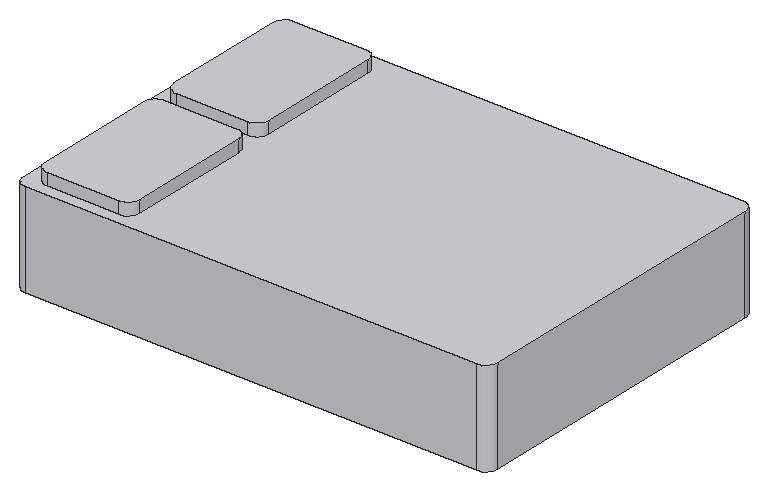
Revit family "Bed", category Furniture, Revit 2019
Family settings
  OmniClass Number = 23.40.20.00
  OmniClass Title = General Furniture and Specialties
  Work Plane-Based = Yes
  Always vertical = Yes
  Cut with Voids When Loaded = No
  Shared = No
  Room Calculation Point = No
Parameters (values of type "1400x2000mm")
  Single bed = no
  Pillow materiale = none
  Double bed = yes
  Distance from wall = 50 mm
  Default Elevation = 0 mm
  Creator Build [instance] = "2018.0420.0"  # constant formula
  Corner rounding = 50 mm
  Bed width = 1400 mm
  Bed materiale = none
  Bed length = 2000 mm
Types (5, lengths in mm): name | Single bed | Double bed | Bed width
  900x2000mm | yes | no | 900
  1600x2000mm | no | yes | 1600
  1800x2000mm | no | yes | 2000
  800x2000mm | yes | no | 800
  1400x2000mm | no | yes | 1400
Reference planes
  plane 1 "Center (Front/Back)": y = 0
  plane 2: z = 0
  plane 3 "Center (Left/Right)": x = 0
  plane 4: y = 700
  plane 5: y = -700
  plane 6 "Top bed": z = 400
  plane 7: x = 50
  plane 8 "Bed length": x = 2050
Forms (mm)
  Extrusion 1, solid, material <- "Bed materiale"
    sketch origin (0, 0, 0) x (1, 0, 0) y (0, 1, 0)
      loop
        arc (100, 700) -> (64.645, 685.355) -> (50, 650) r 50
        line (50, 650) -> (50, -650)
        arc (50, -650) -> (64.645, -685.355) -> (100, -700) r 50
        line (100, -700) -> (2000, -700)
        arc (2000, -700) -> (2035.355, -685.355) -> (2050, -650) r 50
        line (2050, -650) -> (2050, 650)
        arc (2050, 650) -> (2035.355, 685.355) -> (2000, 700) r 50
        line (2000, 700) -> (100, 700)
    from 0 to 400
  Extrusion 2, solid, material <- "Pillow materiale", visible <- "Double bed"
    sketch origin (0, 0, 400) x (-1, 0, 0) y (0, -1, 0)
      loop
        line (-150, 650) -> (-450, 650)
        arc (-450, 650) -> (-485.355, 635.355) -> (-500, 600) r 50
        line (-500, 600) -> (-500, 80)
        arc (-500, 80) -> (-485.355, 44.645) -> (-450, 30) r 50
        line (-450, 30) -> (-150, 30)
        arc (-150, 30) -> (-114.645, 44.645) -> (-100, 80) r 50
        line (-100, 80) -> (-100, 600)
        arc (-100, 600) -> (-114.645, 635.355) -> (-150, 650) r 50
      loop
        arc (-150, -650) -> (-114.645, -635.355) -> (-100, -600) r 50
        line (-100, -600) -> (-100, -80)
        arc (-100, -80) -> (-114.645, -44.645) -> (-150, -30) r 50
        line (-150, -30) -> (-450, -30)
        arc (-450, -30) -> (-485.355, -44.645) -> (-500, -80) r 50
        line (-500, -80) -> (-500, -600)
        arc (-500, -600) -> (-485.355, -635.355) -> (-450, -650) r 50
        line (-450, -650) -> (-150, -650)
    from 0 to 50
  Extrusion 3, solid, material <- "Pillow materiale", visible <- "Single bed"
    sketch origin (0, 0, 400) x (-1, 0, 0) y (0, -1, 0)
      loop
        line (-150, 650) -> (-450, 650)
        arc (-450, 650) -> (-485.355, 635.355) -> (-500, 600) r 50
        line (-500, 600) -> (-500, -600)
        arc (-500, -600) -> (-485.355, -635.355) -> (-450, -650) r 50
        line (-450, -650) -> (-150, -650)
        arc (-150, -650) -> (-114.645, -635.355) -> (-100, -600) r 50
        line (-100, -600) -> (-100, 600)
        arc (-100, 600) -> (-114.645, 635.355) -> (-150, 650) r 50
    from 0 to 50
Dimensions and locks
  "Distance from wall": plane 3 "Center (Left/Right)" to Extrusion 1 sketch curve
  equal spacing: plane 4, plane 1 "Center (Front/Back)", plane 5
  "Bed width": plane 4 to plane 5
  "Corner rounding": plane 5 to Extrusion 2 sketch curve
  "Corner rounding": Extrusion 1 to Extrusion 2 sketch curve  (x2)
  "Corner rounding": plane 4 to Extrusion 2 sketch curve
  locked: Extrusion 3 sketch curve to Extrusion 3 sketch curve at 400
  "Corner rounding": Extrusion 1 to Extrusion 3 sketch curve
  "Corner rounding": plane 4 to Extrusion 3 sketch curve
  "Corner rounding": plane 5 to Extrusion 3 sketch curve
  locked: Extrusion 2 sketch curve to Extrusion 2 sketch curve at 400  (x2)
  equal spacing: Extrusion 2 sketch curve, plane 1 "Center (Front/Back)", Extrusion 2 sketch curve
  "Distance from wall": plane 3 "Center (Left/Right)" to plane 7
  "Bed length": plane 7 to plane 8 "Bed length"
  "Corner rounding": radius of Extrusion 1 sketch curve  (x4)
  "Corner rounding": radius of Extrusion 2 sketch curve  (x8)
  "Corner rounding": radius of Extrusion 3 sketch curve  (x4)
  aligned and locked: level to plane 2
  aligned and locked: Extrusion 1 sketch curve to plane 4
  aligned and locked: Extrusion 1 sketch curve to plane 5
  aligned and locked: plane 6 "Top bed" to Extrusion 1
  aligned and locked: plane 8 "Bed length" to Extrusion 1
Automatic sketch dimensions
  Extrusion 1 sketch curve to plane 8 "Bed length" = 0 mm
  Extrusion 2 sketch curve to plane 1 "Center (Front/Back)" = 80 mm
